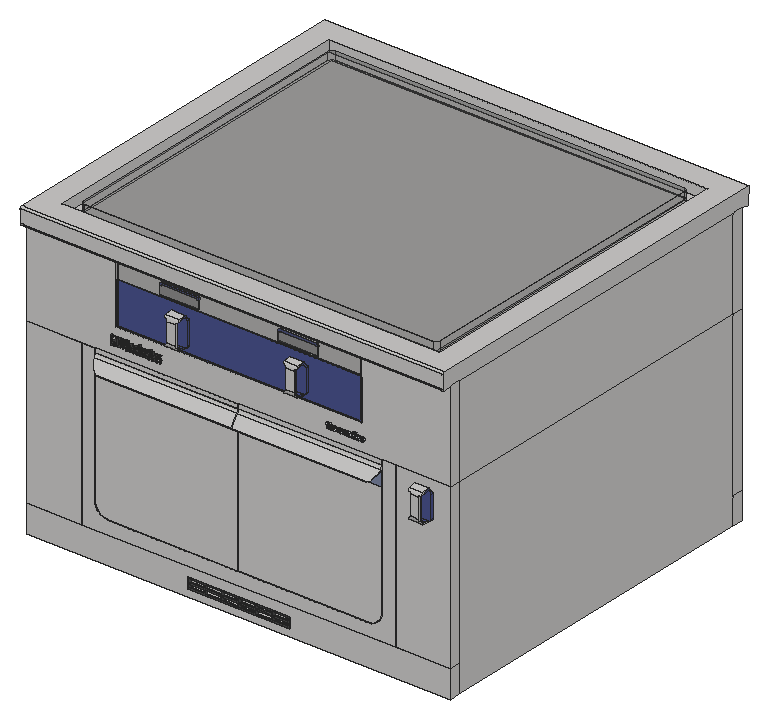
Revit family "QF_ELECTROLUXPROFESSIONAL_589673_MCIRECJ4AO", category Attrezzature speciali, Revit 2020
Family settings
  Quota connettore circolare = Usa diametro
  Tipo di parte = Normale
  Basato su piano di lavoro = No
  Sempre verticale = Sì
  Taglio con vuoti quando caricato = No
  Condiviso = No
  Punto di calcolo locali = No
Parameters (values of type "Standard")
  Weight = 136.00 kg
  Watts = 22000 W
  Volts = 400 V
  URL Manufacturer = "https://www.electroluxprofessional.com/"
  URL = "https://www.electroluxprofessional.com/"
  Steam Supply Size = 0"
  Steam Supply Minimum Pressure = 0.00 psi
  Steam Supply Maximum Pressure = 0.00 psi
  Steam Consumption per Hour = 0
  Refrigeration Suction Line Size = 0 mm
  Refrigeration Liquid Line Size = 0 mm
  Refrigerant Compressor Remote = yes
  Prospetto di default = 0 mm
  Phase = 3
  Modello = "MCIRECJ4AO"
  Produttore = "Electrolux Professional"
  Length Actual = 1000 mm  # constant formula
  Item Number = "589673"
  Hot Water Size = 0"
  Height Actual = 700 mm  # constant formula
  HP = "29.5 HP"
  Gas Size = 0"
  Gas KW = 0
  Gas Input Pressure = 0.0 Btu/h
  Direct Waste Size = 0"
  Descrizione = "INDUCTION,4Z,WARM CAB PASS,2S,1000X900X7"
  Depth Actual = 900 mm  # constant formula
  Cycle = 50 Hz
  Condensate Return Size = 0"
  Compressed Air Volume = 0 GPM
  Compressed Air Size = 0"
  Compressed Air Pressure = 0.00 psi
  Cold Water Size = 0"
  Accessory = yes
Reference planes
  plane 1 "BACK": y = 0
  plane 2: z = 0
  plane 3 "LEFT": x = -100
  plane 4 "RIGHT": x = 900
  plane 5 "FRONT": y = -900
  plane 6 "TOP": z = 900
  plane 7 "Center (Left/Right)": x = 400
  plane 8: y = -450
  plane 9: z = 200
  plane 10: y = -150
  plane 11 "Panel": y = -855
  plane 12: z = 798
  plane 13: z = 1327
  plane 14: x = -22
  plane 15: x = 822
  plane 16: y = -150
  plane 17: y = -650
  plane 18 "EIx": x = 855
  plane 19 "EIy": y = -685
  plane 20: y = -880
  plane 21: z = 938
  plane 22: x = 835
Forms (mm)
  Extrusion 1, solid, material "QF_Finishes_Stainless Steel"
    sketch origin (-178.969, -4572, 200) x (-1, 0, 0) y (0, -1, 0)
      loop
        line (-78.969, -4527) -> (-78.969, -3717) -> (-1078.969, -3717) -> (-1078.969, -4527) -> (-78.969, -4527)
    from 450 to 663
  Extrusion 2, solid, material "QF_Finishes_Stainless Steel"
    sketch origin (-100, 0, 0) x (0, 1, 0) y (0, 0, 1)
      loop
        line (-855, 200) -> (-855, 265) -> (-880, 265) -> (-880, 200) -> (-855, 200)
    from 0 to 1000
  Extrusion 3, solid, material "QF_Finishes_Stainless Steel"
    sketch origin (-488.969, -4662, 200) x (-1, 0, 0) y (0, -1, 0)
      loop
        circle (-1343.969, -3977) r 6.35
    from 0 to -11.851
  Extrusion 4, solid, material "QF_Finishes_Stainless Steel"
    sketch origin (400, 296.4, 1219.2) x (0, 1, 0) y (0, 0, 1)
      loop
        line (-296.4, -319.2) -> (-1191.4, -319.2)
        arc (-1191.4, -319.2) -> (-1194.935, -320.664) -> (-1196.4, -324.2) r 5
        line (-1196.4, -324.2) -> (-1196.4, -355.2)
        arc (-1196.4, -355.2) -> (-1194.971, -358.264) -> (-1191.705, -359.139) r 4
        line (-1191.705, -359.139) -> (-1176.4, -356.231) -> (-316.4, -356.231) -> (-301.094, -359.139)
        arc (-301.094, -359.139) -> (-297.829, -358.264) -> (-296.4, -355.2) r 4
        line (-296.4, -355.2) -> (-296.4, -319.2)
    from -500 to 500
  Extrusion 5, solid, material "QF_Finishes_Electrolux_Black Smoke Iluminated"
    sketch origin (0, 0, 900) x (-1, 0, 0) y (0, -1, 0)
      loop
        arc (12, 79) -> (19.071, 81.929) -> (22, 89) r 10
        line (22, 89) -> (22, 810)
        arc (22, 810) -> (19.071, 817.071) -> (12, 820) r 10
        line (12, 820) -> (-812, 820)
        arc (-812, 820) -> (-819.071, 817.071) -> (-822, 810) r 10
        line (-822, 810) -> (-822, 89)
        arc (-822, 89) -> (-819.071, 81.929) -> (-812, 79) r 10
        line (-812, 79) -> (12, 79)
    from 0 to -20
  Extrusion 6, solid, material "QF_Finishes_Stainless Steel"
    sketch origin (-178.969, -4572, 200) x (-1, 0, 0) y (0, -1, 0)
      loop
        line (-78.969, -4527) -> (-78.969, -3717) -> (-1078.969, -3717) -> (-1078.969, -4527) -> (-78.969, -4527)
    from 450 to 0
  Extrusion 7, void
    sketch origin (0, -855, 0) x (-1, 0, 0) y (0, 0, 1)
      loop
        line (-520, 216.594) -> (-280, 216.594) -> (-280, 241.594) -> (-520, 241.594) -> (-520, 216.594)
    from 0 to -25
  Extrusion 8, solid, material "QF_Finishes_Black"
    sketch origin (0, -855, 0) x (-1, 0, 0) y (0, 0, 1)
      loop
        line (-280, 241.594) -> (-520, 241.594) -> (-520, 216.594) -> (-280, 216.594) -> (-280, 241.594)
      loop
        line (-282, 239.594) -> (-319.131, 239.594) -> (-319.131, 230.094) -> (-282, 230.094) -> (-282, 239.594)
      loop
        line (-282, 218.594) -> (-282, 228.094) -> (-319.131, 228.094) -> (-319.131, 218.594) -> (-282, 218.594)
      loop
        line (-321.131, 239.594) -> (-359.066, 239.594) -> (-359.066, 230.094) -> (-321.131, 230.094) -> (-321.131, 239.594)
      loop
        line (-399, 239.594) -> (-399, 230.094) -> (-361.066, 230.094) -> (-361.066, 239.594) -> (-399, 239.594)
      loop
        line (-401, 239.594) -> (-438.934, 239.594) -> (-438.934, 230.094) -> (-401, 230.094) -> (-401, 239.594)
      loop
        line (-359.066, 218.594) -> (-321.131, 218.594) -> (-321.131, 228.094) -> (-359.066, 228.094) -> (-359.066, 218.594)
      loop
        line (-361.066, 218.594) -> (-361.066, 228.094) -> (-399, 228.094) -> (-399, 218.594) -> (-361.066, 218.594)
      loop
        line (-401, 228.094) -> (-438.934, 228.094) -> (-438.934, 218.594) -> (-401, 218.594) -> (-401, 228.094)
      loop
        line (-518, 239.594) -> (-518, 230.094) -> (-480.869, 230.094) -> (-480.869, 239.594) -> (-518, 239.594)
      loop
        line (-518, 218.594) -> (-480.869, 218.594) -> (-480.869, 228.094) -> (-518, 228.094) -> (-518, 218.594)
      loop
        line (-478.869, 239.594) -> (-478.869, 230.094) -> (-440.934, 230.094) -> (-440.934, 239.594) -> (-478.869, 239.594)
      loop
        line (-440.934, 218.594) -> (-440.934, 228.094) -> (-478.869, 228.094) -> (-478.869, 218.594) -> (-440.934, 218.594)
    from -20 to -25
  Extrusion 9, void
    sketch origin (0, 0, 900) x (-1, 0, 0) y (0, -1, 0)
      loop
        line (47, 845) -> (-847, 845) -> (-847, 54) -> (47, 54) -> (47, 845)
    from 0 to -25
  Extrusion 10, solid, material "QF_Finishes_Stainless Steel"
    sketch origin (0, 0, 900) x (-1, 0, 0) y (0, -1, 0)
      loop
        line (18, 83) -> (18, 816) -> (-818, 816) -> (-818, 83) -> (18, 83)
    from -20 to -25
  Extrusion 11, solid, material "QF_Finishes_Stainless Steel"
    sketch origin (0, -900, 0) x (1, 0, 0) y (0, 0, 1)
      loop
        line (-100, 650) -> (-100, 265) -> (30, 265) -> (30, 650) -> (-100, 650)
      loop
        line (900, 650) -> (770, 650) -> (770, 265) -> (900, 265) -> (900, 650)
    from -45 to -20
  Extrusion 12, solid, material "QF_Finishes_Stainless Steel"
    sketch origin (0, -900, 0) x (1, 0, 0) y (0, 0, 1)
      loop
        line (30, 265) -> (770, 265) -> (770, 650) -> (740, 650) -> (740, 327)
        arc (740, 327) -> (730.627, 304.373) -> (708, 295) r 32
        line (708, 295) -> (92, 295)
        arc (92, 295) -> (69.373, 304.373) -> (60, 327) r 32
        line (60, 327) -> (60, 650) -> (30, 650) -> (30, 265)
    from -45 to -20
  Extrusion 13, solid, material "QF_Finishes_Stainless Steel"
    sketch origin (0, 0, 0) x (1, 0, 0) y (0, 0, -1)
      loop
        line (-100, -650) -> (30, -650) -> (30, -265) -> (-100, -265) -> (-100, -650)
      loop
        line (900, -650) -> (900, -265) -> (770, -265) -> (770, -650) -> (900, -650)
    from -45 to -20
  Extrusion 14, solid, material "QF_Finishes_Stainless Steel"
    sketch origin (-100, -900, 0) x (0, -1, 0) y (0, 0, -1)
      loop
        line (-855, -200) -> (-880, -200) -> (-880, -265) -> (-855, -265) -> (-855, -200)
    from 0 to 1000
  Extrusion 15, void
    sketch origin (0, -45, 0) x (-1, 0, 0) y (0, 0, -1)
      loop
        line (-520, -216.594) -> (-520, -241.594) -> (-280, -241.594) -> (-280, -216.594) -> (-520, -216.594)
    from 0 to -25
  Extrusion 16, solid, material "QF_Finishes_Black"
    sketch origin (0, -45, 0) x (-1, 0, 0) y (0, 0, -1)
      loop
        line (-280, -241.594) -> (-280, -216.594) -> (-520, -216.594) -> (-520, -241.594) -> (-280, -241.594)
      loop
        line (-282, -239.594) -> (-282, -230.094) -> (-319.131, -230.094) -> (-319.131, -239.594) -> (-282, -239.594)
      loop
        line (-282, -218.594) -> (-319.131, -218.594) -> (-319.131, -228.094) -> (-282, -228.094) -> (-282, -218.594)
      loop
        line (-321.131, -239.594) -> (-321.131, -230.094) -> (-359.066, -230.094) -> (-359.066, -239.594) -> (-321.131, -239.594)
      loop
        line (-399, -239.594) -> (-361.066, -239.594) -> (-361.066, -230.094) -> (-399, -230.094) -> (-399, -239.594)
      loop
        line (-401, -239.594) -> (-401, -230.094) -> (-438.934, -230.094) -> (-438.934, -239.594) -> (-401, -239.594)
      loop
        line (-359.066, -218.594) -> (-359.066, -228.094) -> (-321.131, -228.094) -> (-321.131, -218.594) -> (-359.066, -218.594)
      loop
        line (-361.066, -218.594) -> (-399, -218.594) -> (-399, -228.094) -> (-361.066, -228.094) -> (-361.066, -218.594)
      loop
        line (-401, -228.094) -> (-401, -218.594) -> (-438.934, -218.594) -> (-438.934, -228.094) -> (-401, -228.094)
      loop
        line (-518, -239.594) -> (-480.869, -239.594) -> (-480.869, -230.094) -> (-518, -230.094) -> (-518, -239.594)
      loop
        line (-518, -218.594) -> (-518, -228.094) -> (-480.869, -228.094) -> (-480.869, -218.594) -> (-518, -218.594)
      loop
        line (-478.869, -239.594) -> (-440.934, -239.594) -> (-440.934, -230.094) -> (-478.869, -230.094) -> (-478.869, -239.594)
      loop
        line (-440.934, -218.594) -> (-478.869, -218.594) -> (-478.869, -228.094) -> (-440.934, -228.094) -> (-440.934, -218.594)
    from -20 to -25
  Extrusion 17, void
    sketch origin (0, -855, 0) x (-1, 0, 0) y (0, 0, 1)
      loop
        line (-520, 216.594) -> (-280, 216.594) -> (-280, 241.594) -> (-520, 241.594) -> (-520, 216.594)
    from 0 to -25
  Extrusion 18, solid, material "QF_Finishes_Stainless Steel"
    sketch origin (0, 0, 0) x (1, 0, 0) y (0, 0, -1)
      loop
        line (30, -265) -> (30, -650) -> (60, -650) -> (60, -327)
        arc (60, -327) -> (69.373, -304.373) -> (92, -295) r 32
        line (92, -295) -> (708, -295)
        arc (708, -295) -> (730.627, -304.373) -> (740, -327) r 32
        line (740, -327) -> (740, -650) -> (770, -650) -> (770, -265) -> (30, -265)
    from -45 to -20
Cuts and joins
  Extrusion 7, Extrusion 15, Extrusion 17 cuts Extrusion 6
  Extrusion 7, Extrusion 15, Extrusion 17 cuts Extrusion 2
  Extrusion 9 cuts Extrusion 4
  Extrusion 15 cuts Extrusion 8
  Extrusion 15, Extrusion 17 cuts Extrusion 14
Lines and regions (mm)
  symbolic lines
    curve 1: line (-100, 0, 200) -> (900, 0, 200)
    curve 2: line (-100, -900, 200) -> (-100, 0, 200)
    curve 3: line (900, -900, 200) -> (-100, -900, 200)
    curve 4: line (900, 0, 200) -> (900, -900, 200)
    curve 5: line (812, -79, 200) -> (-12, -79, 200)
    curve 6: line (-22, -89, 200) -> (-22, -810, 200)
    curve 7: line (-12, -820, 200) -> (812, -820, 200)
    curve 8: line (822, -810, 200) -> (822, -89, 200)
    curve 9: arc (-12, -79, 200) -> (-19.071, -81.929, 200) -> (-22, -89, 200) r 10
    curve 10: arc (822, -89, 200) -> (819.071, -81.929, 200) -> (812, -79, 200) r 10
    curve 11: arc (812, -820, 200) -> (819.071, -817.071, 200) -> (822, -810, 200) r 10
    curve 12: arc (-22, -810, 200) -> (-19.071, -817.071, 200) -> (-12, -820, 200) r 10
    curve 13: line (847, -54, 900) -> (-47, -54, 900)
    curve 14: line (-47, -54, 900) -> (-47, -845, 900)
    curve 15: line (847, -845, 900) -> (847, -54, 900)
    curve 16: line (-47, -845, 900) -> (847, -845, 900)
  model lines
    curve 17: line (64.474, -422.012, 900) -> (46.796, -404.335, 900)
    curve 18: line (46.796, -404.335, 900) -> (46.796, -169.335, 900)
    curve 19: line (46.796, -169.335, 900) -> (64.474, -151.657, 900)
    curve 20: line (183.85, -245.603, 900) -> (183.85, -325.603, 900)
    curve 21: line (143.85, -285.603, 900) -> (223.85, -285.603, 900)
    curve 22: line (303.226, -422.012, 900) -> (320.903, -404.335, 900)
    curve 23: line (320.903, -404.335, 900) -> (320.903, -169.335, 900)
    curve 24: line (320.903, -169.335, 900) -> (303.226, -151.657, 900)
    curve 25: line (494.474, -422.012, 900) -> (476.796, -404.335, 900)
    curve 26: line (476.796, -404.335, 900) -> (476.796, -169.335, 900)
    curve 27: line (476.796, -169.335, 900) -> (494.474, -151.657, 900)
    curve 28: line (613.85, -245.603, 900) -> (613.85, -325.603, 900)
    curve 29: line (573.85, -285.603, 900) -> (653.85, -285.603, 900)
    curve 30: line (733.226, -422.012, 900) -> (750.903, -404.335, 900)
    curve 31: line (750.903, -404.335, 900) -> (750.903, -169.335, 900)
    curve 32: line (750.903, -169.335, 900) -> (733.226, -151.657, 900)
    curve 33: line (64.474, -477.988, 900) -> (46.796, -495.665, 900)
    curve 34: line (46.796, -495.665, 900) -> (46.796, -730.665, 900)
    curve 35: line (46.796, -730.665, 900) -> (64.474, -748.343, 900)
    curve 36: line (183.85, -654.397, 900) -> (183.85, -574.397, 900)
    curve 37: line (143.85, -614.397, 900) -> (223.85, -614.397, 900)
    curve 38: line (303.226, -477.988, 900) -> (320.903, -495.665, 900)
    curve 39: line (320.903, -495.665, 900) -> (320.903, -730.665, 900)
    curve 40: line (320.903, -730.665, 900) -> (303.226, -748.343, 900)
    curve 41: line (494.474, -477.988, 900) -> (476.796, -495.665, 900)
    curve 42: line (476.796, -495.665, 900) -> (476.796, -730.665, 900)
    curve 43: line (476.796, -730.665, 900) -> (494.474, -748.343, 900)
    curve 44: line (613.85, -654.397, 900) -> (613.85, -574.397, 900)
    curve 45: line (573.85, -614.397, 900) -> (653.85, -614.397, 900)
    curve 46: line (733.226, -477.988, 900) -> (750.903, -495.665, 900)
    curve 47: line (750.903, -495.665, 900) -> (750.903, -730.665, 900)
    curve 48: line (750.903, -730.665, 900) -> (733.226, -748.343, 900)
    curve 49: line (-7.896, -110.891, 900) -> (13.317, -89.677, 900)
    curve 50: line (13.317, -89.677, 900) -> (786.683, -89.677, 900)
    curve 51: line (807.896, -110.891, 900) -> (786.683, -89.677, 900)
    curve 52: line (-7.896, -789.109, 900) -> (13.317, -810.323, 900)
    curve 53: line (13.317, -810.323, 900) -> (786.683, -810.323, 900)
    curve 54: line (807.896, -789.109, 900) -> (786.683, -810.323, 900)
Dimensions and locks
  plane 3 "LEFT" to plane 4 "RIGHT" = 1000 mm
  plane 5 "FRONT" to plane 1 "BACK" = 900 mm
  plane 3 "LEFT" to plane 7 "Center (Left/Right)" to plane 4 "RIGHT" = 500 mm, 500 mm
  equal spacing: plane 5 "FRONT", plane 8, plane 1 "BACK"
  plane 6 "TOP" to level = 900 mm  (x2)
  plane 9 to level = 200 mm
  plane 1 "BACK" to plane 10 to plane 11 "Panel" = 150 mm, 705 mm  (x2)
  plane 6 "TOP" to plane 9 to level = 700 mm, 200 mm
  plane 1 "BACK" to plane 5 "FRONT" = 900 mm
  plane 1 "BACK" to Extrusion 3 = 685 mm
  plane 12 to plane 9 = 598 mm
  plane 13 to plane 6 "TOP" = 427 mm
  plane 6 "TOP" to plane 12 = 102 mm
  plane 14 to plane 3 "LEFT" = 78 mm
  plane 15 to plane 4 "RIGHT" = 78 mm
  locked: plane 1 "BACK" to plane 16 at 150
  locked: plane 16 to plane 17 at 500
  plane 11 "Panel" to plane 5 "FRONT" = 45 mm
  plane 18 "EIx" to plane 4 "RIGHT" = 45 mm
  plane 19 "EIy" to plane 1 "BACK" = 685 mm
  locked: plane 11 "Panel" to plane 20 at 25
  plane 21 to plane 6 "TOP" = 38 mm
  plane 22 to plane 4 "RIGHT" = 65 mm
  aligned and locked: level to plane 2
  aligned and locked: Extrusion 2 to plane 4 "RIGHT"
  aligned and locked: cut or joined group of Extrusion 4, Extrusion 9 to plane 3 "LEFT"
  aligned and locked: cut or joined group of Extrusion 4, Extrusion 9 to plane 4 "RIGHT"
  aligned and locked: cut or joined group of Extrusion 6, Extrusion 7, Extrusion 15, Extrusion 17 to plane 4 "RIGHT"
  aligned and locked: cut or joined group of Extrusion 6, Extrusion 7, Extrusion 15, Extrusion 17 to plane 3 "LEFT"
  aligned and locked: nested 2 to plane 11 "Panel"
  aligned and locked: Extrusion 1 to plane 11 "Panel"
  aligned and locked: plane 11 "Panel" to cut or joined group of Extrusion 2, Extrusion 7, Extrusion 15, Extrusion 17
  aligned and locked: nested 1 to plane 20
  aligned and locked: Extrusion 1 to plane 3 "LEFT"
  aligned and locked: Extrusion 1 to plane 4 "RIGHT"
  aligned and locked: plane 7 "Center (Left/Right)" to nested 3
  aligned and locked: cut or joined group of Extrusion 6, Extrusion 7, Extrusion 15, Extrusion 17 to nested 3
  aligned and locked: plane 11 "Panel" to Extrusion 11
  aligned and locked: plane 20 to Extrusion 11
  aligned and locked: Extrusion 12 to plane 20
  aligned and locked: plane 11 "Panel" to Extrusion 12
  aligned and locked: plane 22 to nested 1
  aligned and locked: nested 5 to plane 7 "Center (Left/Right)"
  aligned and locked: nested 5 to Extrusion 11
Automatic sketch dimensions
  Extrusion 1 sketch curve to plane 4 "RIGHT" = 0 mm
  Extrusion 1 sketch curve to plane 3 "LEFT" = 0 mm
  Extrusion 1 sketch curve to plane 11 "Panel" = 0 mm
  plane 1 "BACK" to Extrusion 1 sketch curve = 45 mm
  Extrusion 2 sketch curve to plane 9 = 0 mm
  Extrusion 2 sketch curve to plane 20 = 0 mm
  Extrusion 2 sketch curve to plane 11 "Panel" = 0 mm
  plane 9 to Extrusion 2 sketch curve = 65 mm
  plane 1 "BACK" to curve 1 = 0 mm
  curve 1 to plane 4 "RIGHT" = 0 mm
  curve 8 to plane 15 = 0 mm
  curve 6 to plane 14 = 0 mm
  curve 2 to plane 3 "LEFT" = 0 mm
  plane 5 "FRONT" to curve 3 = 0 mm
  plane 15 to curve 5 = 10 mm
  plane 15 to curve 11 = 10 mm
  curve 5 to plane 14 = 10 mm
  curve 12 to curve 12 = 10 mm
  plane 10 to curve 5 = 71 mm
  plane 11 "Panel" to curve 11 = 45 mm
  Extrusion 3 sketch curve to plane 18 "EIx" = 0 mm
  Extrusion 3 sketch curve to plane 19 "EIy" = 0 mm
  Extrusion 4 sketch curve to plane 5 "FRONT" = 0 mm
  Extrusion 4 sketch curve to plane 6 "TOP" = 0 mm
  Extrusion 4 sketch curve to plane 20 = 0 mm
  Extrusion 4 sketch curve to plane 1 "BACK" = 0 mm
  Extrusion 4 sketch curve to Extrusion 4 sketch curve = 4 mm
  Extrusion 4 sketch curve to Extrusion 4 sketch curve = 0.695 mm
  Extrusion 4 sketch curve to plane 5 "FRONT" = 5 mm
  plane 1 "BACK" to Extrusion 4 sketch curve = 20 mm
  plane 1 "BACK" to Extrusion 4 sketch curve = 4.695 mm
  plane 1 "BACK" to Extrusion 4 sketch curve = 4 mm
  Extrusion 4 sketch curve to Extrusion 4 sketch curve = 31 mm
  Extrusion 4 sketch curve to Extrusion 4 sketch curve = 36 mm
  Extrusion 4 sketch curve to Extrusion 4 sketch curve = 2.909 mm
  Extrusion 5 sketch curve to plane 15 = 0 mm
  Extrusion 5 sketch curve to plane 14 = 0 mm
  plane 15 to Extrusion 5 sketch curve = 10 mm  (x2)
  Extrusion 5 sketch curve to Extrusion 5 sketch curve = 10 mm  (x2)
  plane 10 to Extrusion 5 sketch curve = 71 mm
  plane 11 "Panel" to Extrusion 5 sketch curve = 45 mm
  Extrusion 6 sketch curve to plane 4 "RIGHT" = 0 mm
  Extrusion 6 sketch curve to plane 3 "LEFT" = 0 mm
  Extrusion 6 sketch curve to plane 11 "Panel" = 0 mm
  plane 1 "BACK" to Extrusion 6 sketch curve = 45 mm
  plane 9 to Extrusion 7 sketch curve = 41.594 mm
  plane 7 "Center (Left/Right)" to Extrusion 7 sketch curve = 120 mm
  Extrusion 7 sketch curve to plane 7 "Center (Left/Right)" = 120 mm
  plane 9 to Extrusion 7 sketch curve = 16.594 mm
  plane 9 to Extrusion 8 sketch curve = 41.594 mm
  plane 7 "Center (Left/Right)" to Extrusion 8 sketch curve = 120 mm
  Extrusion 8 sketch curve to Extrusion 8 sketch curve = 2 mm  (x16)
  Extrusion 8 sketch curve to Extrusion 8 sketch curve = 0 mm  (x15)
  Extrusion 8 sketch curve to Extrusion 8 sketch curve = 37.131 mm  (x2)
  Extrusion 8 sketch curve to Extrusion 8 sketch curve = 37.934 mm  (x3)
  plane 7 "Center (Left/Right)" to Extrusion 8 sketch curve = 1 mm  (x2)
  Extrusion 8 sketch curve to plane 7 "Center (Left/Right)" = 1 mm  (x2)
  plane 9 to Extrusion 8 sketch curve = 18.594 mm  (x4)
  Extrusion 8 sketch curve to Extrusion 8 sketch curve = 9.5 mm  (x6)
  plane 18 "EIx" to Extrusion 9 sketch curve = 8 mm
  plane 14 to Extrusion 9 sketch curve = 25 mm
  plane 1 "BACK" to Extrusion 9 sketch curve = 54 mm
  plane 11 "Panel" to Extrusion 9 sketch curve = 10 mm
  plane 15 to Extrusion 10 sketch curve = 4 mm
  Extrusion 10 sketch curve to plane 14 = 4 mm
  plane 10 to Extrusion 10 sketch curve = 67 mm
  plane 11 "Panel" to Extrusion 10 sketch curve = 39 mm
  plane 18 "EIx" to curve 13 = 8 mm
  plane 15 to curve 53 = 35.317 mm
  plane 15 to curve 51 = 35.317 mm
  plane 15 to curve 46 = 71.097 mm
  curve 32 to plane 10 = 19.335 mm
  plane 15 to curve 32 = 71.097 mm
  curve 27 to plane 10 = 19.335 mm
  plane 7 "Center (Left/Right)" to curve 27 = 76.796 mm
  plane 7 "Center (Left/Right)" to curve 43 = 76.796 mm
  curve 24 to plane 10 = 19.335 mm
  curve 24 to plane 7 "Center (Left/Right)" = 79.097 mm
  curve 40 to plane 7 "Center (Left/Right)" = 79.097 mm
  curve 35 to plane 14 = 68.796 mm
  curve 19 to plane 10 = 19.335 mm
  curve 19 to plane 14 = 68.796 mm
  curve 50 to plane 14 = 35.317 mm
  curve 53 to plane 14 = 35.317 mm
  plane 14 to curve 14 = 25 mm
  plane 10 to curve 50 = 60.323 mm
  plane 1 "BACK" to curve 15 = 54 mm
  plane 8 to curve 26 = 45.665 mm
  plane 8 to curve 17 = 45.665 mm
  plane 8 to curve 30 = 45.665 mm
  plane 8 to curve 22 = 45.665 mm
  curve 34 to plane 8 = 45.665 mm
  curve 42 to plane 8 = 45.665 mm
  curve 38 to plane 8 = 45.665 mm
  curve 46 to plane 8 = 45.665 mm
  curve 42 to plane 19 "EIy" = 45.665 mm
  curve 40 to plane 19 "EIy" = 45.665 mm
  curve 34 to plane 19 "EIy" = 45.665 mm
  curve 47 to plane 19 "EIy" = 45.665 mm
  plane 11 "Panel" to curve 54 = 44.677 mm
  plane 11 "Panel" to curve 15 = 10 mm
  plane 15 to curve 54 = 14.104 mm
  plane 15 to curve 51 = 14.104 mm
  curve 46 to plane 8 = 27.988 mm
  curve 46 to curve 46 = 17.678 mm
  curve 47 to curve 48 = 17.678 mm  (x2)
  curve 32 to plane 10 = 1.657 mm
  curve 31 to curve 32 = 17.678 mm
  plane 8 to curve 30 = 27.988 mm
  curve 30 to curve 30 = 17.678 mm
  curve 45 to plane 17 = 35.603 mm
  curve 47 to curve 45 = 97.053 mm
  curve 31 to curve 29 = 97.053 mm
  plane 17 to curve 44 = 4.397 mm
  curve 45 to curve 44 = 40 mm
  curve 29 to curve 28 = 40 mm  (x2)
  curve 28 to curve 29 = 40 mm  (x2)
  curve 44 to curve 45 = 40 mm  (x2)
  curve 43 to curve 42 = 17.678 mm
  plane 8 to curve 25 = 27.988 mm
  curve 25 to curve 25 = 17.678 mm
  curve 41 to plane 8 = 27.988 mm
  curve 41 to curve 41 = 17.678 mm
  curve 27 to plane 10 = 1.657 mm
  curve 27 to curve 26 = 17.678 mm
  curve 38 to plane 8 = 27.988 mm
  curve 38 to curve 38 = 17.678 mm
  plane 8 to curve 22 = 27.988 mm
  curve 22 to curve 22 = 17.678 mm
  curve 24 to plane 10 = 1.657 mm
  curve 23 to curve 24 = 17.678 mm
  curve 39 to curve 40 = 17.678 mm  (x2)
  curve 37 to plane 17 = 35.603 mm
  curve 39 to curve 37 = 97.053 mm
  curve 23 to curve 21 = 97.053 mm
  curve 21 to curve 20 = 40 mm  (x2)
  plane 17 to curve 36 = 4.397 mm
  curve 37 to curve 36 = 40 mm
  curve 36 to curve 37 = 40 mm  (x2)
  curve 20 to curve 21 = 40 mm  (x2)
  plane 8 to curve 17 = 27.988 mm
  curve 17 to curve 17 = 17.678 mm
  curve 19 to plane 10 = 1.657 mm
  curve 19 to curve 18 = 17.678 mm
  curve 33 to plane 8 = 27.988 mm
  curve 33 to curve 33 = 17.678 mm
  curve 35 to curve 34 = 17.678 mm
  curve 49 to plane 14 = 14.104 mm
  curve 52 to plane 14 = 14.104 mm
  curve 49 to curve 49 = 21.213 mm
  curve 50 to curve 51 = 21.213 mm
  curve 28 to plane 10 = 95.603 mm
  curve 20 to plane 10 = 95.603 mm
  curve 42 to curve 43 = 17.678 mm
  curve 34 to curve 35 = 17.678 mm
  curve 54 to curve 53 = 21.213 mm
  curve 52 to curve 52 = 21.213 mm
  Extrusion 11 sketch curve to plane 3 "LEFT" = 0 mm
  plane 4 "RIGHT" to Extrusion 11 sketch curve = 0 mm
  Extrusion 11 sketch curve to plane 14 = 52 mm
  plane 15 to Extrusion 11 sketch curve = 52 mm
  plane 9 to Extrusion 11 sketch curve = 65 mm  (x2)
  Extrusion 11 sketch curve to plane 12 = 148 mm  (x2)
  Extrusion 12 sketch curve to plane 14 = 52 mm
  Extrusion 12 sketch curve to Extrusion 12 sketch curve = 30 mm  (x2)
  Extrusion 12 sketch curve to Extrusion 12 sketch curve = 32 mm  (x2)
  plane 15 to Extrusion 12 sketch curve = 114 mm
  plane 15 to Extrusion 12 sketch curve = 52 mm
  plane 9 to Extrusion 12 sketch curve = 65 mm
  Extrusion 12 sketch curve to plane 12 = 148 mm  (x2)
  Extrusion 13 sketch curve to plane 3 "LEFT" = 0 mm
  plane 4 "RIGHT" to Extrusion 13 sketch curve = 0 mm
  Extrusion 13 sketch curve to plane 14 = 52 mm
  plane 15 to Extrusion 13 sketch curve = 52 mm
  Extrusion 13 sketch curve to plane 12 = 148 mm  (x2)
  plane 9 to Extrusion 13 sketch curve = 65 mm  (x2)
  Extrusion 14 sketch curve to plane 9 = 0 mm
  plane 1 "BACK" to Extrusion 14 sketch curve = 20 mm
  Extrusion 14 sketch curve to Extrusion 14 sketch curve = 25 mm
  plane 9 to Extrusion 14 sketch curve = 65 mm
  plane 9 to Extrusion 15 sketch curve = 41.594 mm
  plane 7 "Center (Left/Right)" to Extrusion 15 sketch curve = 120 mm
  Extrusion 15 sketch curve to plane 7 "Center (Left/Right)" = 120 mm
  plane 9 to Extrusion 15 sketch curve = 16.594 mm
  plane 9 to Extrusion 16 sketch curve = 41.594 mm
  plane 7 "Center (Left/Right)" to Extrusion 16 sketch curve = 120 mm
  Extrusion 16 sketch curve to Extrusion 16 sketch curve = 2 mm  (x19)
  Extrusion 16 sketch curve to Extrusion 16 sketch curve = 0 mm  (x15)
  Extrusion 16 sketch curve to Extrusion 16 sketch curve = 37.131 mm  (x2)
  Extrusion 16 sketch curve to Extrusion 16 sketch curve = 37.934 mm  (x3)
  plane 7 "Center (Left/Right)" to Extrusion 16 sketch curve = 1 mm  (x2)
  Extrusion 16 sketch curve to plane 7 "Center (Left/Right)" = 1 mm  (x2)
  plane 9 to Extrusion 16 sketch curve = 18.594 mm
  plane 9 to Extrusion 16 sketch curve = 39.594 mm
  Extrusion 16 sketch curve to Extrusion 16 sketch curve = 9.5 mm  (x5)
  plane 9 to Extrusion 17 sketch curve = 41.594 mm
  plane 7 "Center (Left/Right)" to Extrusion 17 sketch curve = 120 mm
  Extrusion 17 sketch curve to plane 7 "Center (Left/Right)" = 120 mm
  plane 9 to Extrusion 17 sketch curve = 16.594 mm
  Extrusion 18 sketch curve to plane 14 = 52 mm
  Extrusion 18 sketch curve to Extrusion 18 sketch curve = 30 mm
  Extrusion 18 sketch curve to Extrusion 18 sketch curve = 32 mm  (x2)
  plane 15 to Extrusion 18 sketch curve = 114 mm
  plane 15 to Extrusion 18 sketch curve = 52 mm
  Extrusion 18 sketch curve to plane 12 = 148 mm  (x2)
  plane 9 to Extrusion 18 sketch curve = 127 mm
  plane 9 to Extrusion 18 sketch curve = 65 mm
  radius of Extrusion 3 sketch curve = 6.35 mm
Nested families
  nested 1: "FIT Range Control Handle" at (835, -883.137, -372.751), type "FIT Range Control Handle"
  nested 2: "Front_Panel_W1000_2 Knobs" at (102.376, -855, 0), type "Front_Panel_W1000_2 Knobs"
  nested 3: "H450H2W1000_2DOOR" at (363.958, -855, 200) x (1, 0, 0) z (0, -1, 0), type "H450H2W1000_2DOOR"
    with Width 680 mm, Wdoor 340 mm, Show Clearance yes
  nested 4: "Front_Panel_W1000_2 Knobs" at (102.376, -45, 0), type "Front_Panel_W1000_2 Knobs"
  nested 5: "H450H2W1000_2DOOR" at (436.042, -45, 200) x (-1, 0, 0) z (0, 1, 0), type "H450H2W1000_2DOOR"
    with Width 680 mm, Wdoor 340 mm, Show Clearance yes
  nested 6: "Warm" at (900, -900, 900), type "Warm"
Connectors
  electrical at (855, -685, 188.149)
    settings: on Extrusion 3, index 1, voltage 400 V, apparent load 33000 VA, apparent load phase1 0 VA, apparent load phase2 0 VA, apparent load phase3 0 VA, power factor 1, load classification "Other", number of poles 1, system type 30, power factor state 1, is connector primary yes, connector utility no, sub classification motor no, connector description "ELECTRICAL CONNECTION"
Definition of nested family "FIT Range Control Handle"
  Parameters
    Default Elevation = 0 mm
  Reference planes
    plane 1 "Center (Front/Back)": y = 0
    plane 2: z = 0
    plane 3 "Center (Left/Right)": x = 0
    plane 4: z = 971.092
    plane 5: y = -16.8
  Forms (mm)
    Extrusion 1, solid
      sketch origin (-746.28, 380.497, 208.931) x (-1, 0, 0) y (0, 0, 1)
        loop
          line (-770.101, 786.798) -> (-770.101, 731.649)
          arc (-770.101, 731.649) -> (-769.759, 730.563) -> (-768.855, 729.87) r 1.893
          line (-768.855, 729.87) -> (-763.474, 727.911) -> (-729.81, 727.911) -> (-724.428, 729.87)
          arc (-724.428, 729.87) -> (-723.525, 730.563) -> (-723.183, 731.649) r 1.893
          line (-723.183, 731.649) -> (-723.183, 786.798)
          arc (-723.183, 786.798) -> (-723.529, 787.894) -> (-724.44, 788.593) r 1.91
          line (-724.44, 788.593) -> (-729.683, 790.819) -> (-763.601, 790.819) -> (-768.844, 788.593)
          arc (-768.844, 788.593) -> (-769.755, 787.894) -> (-770.101, 786.798) r 1.91
      from -382.35 to -378.852
    Sweep 2, solid
      path origin (-746.788, 380.496, 208.091) x (0, -1, 0) y (0, 0, 1)
        loop
          line (379.775, 793.281) -> (395.661, 791.048)
          arc (395.661, 791.048) -> (397.781, 787.377) -> (398.517, 783.202) r 12.207
          line (398.517, 783.202) -> (398.517, 737.368)
          arc (398.517, 737.368) -> (397.781, 733.193) -> (395.661, 729.522) r 12.207
          line (395.661, 729.522) -> (379.775, 727.289)
      profile origin (-746.788, -7.222, 1000.256) x (0, -0.139173, 0.990268) y (-1, 0, 0)
        loop
          line (0.782, -763.123) -> (0.782, -730.907) -> (-1.322, -730.907) -> (-1.322, -763.123) -> (0.782, -763.123)
    Sweep 3, solid
      path origin (-746.788, 380.715, 207.832) x (0, -1, 0) y (0, 0, 1)
        loop
          line (380.478, 795.442) -> (397.218, 793.09)
          arc (397.218, 793.09) -> (399.929, 788.473) -> (400.871, 783.202) r 15.207
          line (400.871, 783.202) -> (400.871, 737.584)
          arc (400.871, 737.584) -> (399.914, 732.274) -> (397.164, 727.633) r 15.207
          line (397.164, 727.633) -> (380.601, 725.305)
      profile origin (-746.788, -8.132, 1002.099) x (0, -0.139173, 0.990268) y (-1, 0, 0)
        loop
          line (0.782, -763.123) -> (0.782, -730.907) -> (-1.322, -730.907) -> (-1.322, -763.123) -> (0.782, -763.123)
    Extrusion 4, void
      sketch origin (889.253, 220.666, 207.993) x (1, 0, 0) y (0, 0, 1)
        loop
          line (-943.038, 816.854) -> (-943.038, 703.686) -> (-899.466, 734.196) -> (-899.466, 786.344) -> (-943.038, 816.854)
      from 230.636 to 242.25
    Extrusion 5, void
      sketch origin (-888.8, 220.666, 207.993) x (-1, 0, 0) y (0, 0, -1)
        loop
          line (-943.038, -816.854) -> (-899.466, -786.344) -> (-899.466, -734.196) -> (-943.038, -703.686) -> (-943.038, -816.854)
      from 230.636 to 242.25
    Extrusion 6, solid
      sketch origin (0, 0, 0) x (1, 0, 0) y (0, 0, 1)
        loop
          circle (0, 971.092) r 7.736
      from -3.137 to -1.645
  Cuts and joins
    Extrusion 4, Extrusion 5 cuts Sweep 3
    Extrusion 4, Extrusion 5 cuts Sweep 2
    joined: Extrusion 1, Extrusion 6
  Lines and regions (mm)
    symbolic lines
      curve 1: line (-15.881, -19.189, 0) -> (-15.881, -16.8, 0)
      curve 2: line (16.334, -19.189, 0) -> (16.334, -16.8, 0)
      curve 3: spline (-15.881, -19.189, 0) -> (-15.417, -19.349, 0) -> (-14.951, -19.501, 0) -> (-14.483, -19.646, 0) -> (-14.014, -19.783, 0) -> (-13.543, -19.912, 0) -> (-13.071, -20.033, 0) -> (-12.597, -20.146, 0) -> (-12.122, -20.251, 0) -> (-11.646, -20.349, 0) -> (-11.169, -20.438, 0) -> (-10.691, -20.52, 0) -> (-10.213, -20.593, 0)
      curve 4: spline (10.666, -20.593, 0) -> (11.144, -20.52, 0) -> (11.622, -20.438, 0) -> (12.099, -20.349, 0) -> (12.575, -20.251, 0) -> (13.05, -20.146, 0) -> (13.524, -20.033, 0) -> (13.996, -19.912, 0) -> (14.467, -19.783, 0) -> (14.936, -19.646, 0) -> (15.404, -19.501, 0) -> (15.87, -19.349, 0) -> (16.334, -19.189, 0)
      curve 5: line (-10.213, -20.938, 0) -> (10.716, -20.938, 0)
  Dimensions and locks
    cut or joined group of Sweep 3, Extrusion 4, Extrusion 5 to cut or joined group of Sweep 3, Extrusion 4, Extrusion 5 = 71.686 mm
Definition of nested family "Front_Panel_W1000_2 Knobs"
  Parameters
    Default Elevation = 0 mm
  Reference planes
    plane 1 "Center (Front/Back)": y = 0
    plane 2: z = 0
    plane 3 "Center (Left/Right)": x = 297.624
    plane 4 "Left": x = -202.376
    plane 5 "Right": x = 797.624
    plane 6: y = -45
    plane 7: x = 157.624
    plane 8: y = -25
    plane 9: x = -2.376
    plane 10: x = 437.624
    plane 11: x = 594.715
  Forms (mm)
    Extrusion 1, solid
      sketch origin (833.217, 829.203, -1.25) x (0, 1, 0) y (0, 0, 1)
        loop
          line (-854.203, 651.25) -> (-829.203, 651.25) -> (-829.203, 864.25) -> (-854.203, 864.25) -> (-854.203, 651.25)
      from -1035.593 to -35.593
    Extrusion 2, void
      sketch origin (0, 0, 0) x (1, 0, 0) y (0, 0, 1)
        loop
          line (7.624, 853.866) -> (7.624, 711.866) -> (587.624, 711.866) -> (587.624, 853.866) -> (7.624, 853.866)
      from 19.387 to 33.951
  Cuts and joins
    Extrusion 2 cuts Extrusion 1
  Dimensions and locks
    equal spacing: plane 5 "Right", plane 3 "Center (Left/Right)", plane 4 "Left"
    plane 5 "Right" to plane 4 "Left" = 1000 mm
    plane 3 "Center (Left/Right)" to plane 7 = 140 mm
    plane 10 to plane 3 "Center (Left/Right)" = 140 mm
    aligned and locked: cut or joined group of Extrusion 1, Extrusion 2 to plane 4 "Left"
    aligned and locked: plane 5 "Right" to cut or joined group of Extrusion 1, Extrusion 2
    aligned and locked: plane 3 "Center (Left/Right)" to nested 2
    aligned and locked: cut or joined group of Extrusion 1, Extrusion 2 to nested 2
  Automatic sketch dimensions
    Extrusion 1 sketch curve to plane 1 "Center (Front/Back)" = 0 mm
    level to Extrusion 1 sketch curve = 650 mm
    plane 4 "Left" to Extrusion 2 sketch curve = 210 mm
    Extrusion 2 sketch curve to plane 5 "Right" = 210 mm
    level to Extrusion 2 sketch curve = 711.866 mm
    Extrusion 2 sketch curve to Extrusion 2 sketch curve = 142 mm
    Extrusion 1 sketch curve to plane 6 = 20 mm
    Extrusion 1 sketch curve to Extrusion 1 sketch curve = 213 mm
  Nested families
    nested 1: "Range Control Handle" at (157.624, -28.137, -209.113) x (-1, 0, 0) z (0, 0, 1), type "Range Control Handle"
    nested 2: "Front glass control panel W1000_2 Knobs" at (297.624, 280.644, 2.752), type "Front glass control panel W1000_2 Knobs"
    nested 3: "Range Control Handle" at (437.624, -28.137, -209.113), type "Range Control Handle"
    nested 4: "ELX_ThermaLine_Small" at (546.122, -25, 679.426) x (1, 0, 0) z (0, -1, 0), type "ELX_ThermaLine_Small"
      with Show Logo yes, Material_Logo none
    nested 5: "ELX_Professional_Logo_Small" at (57.11, -25, 681.659) x (1, 0, 0) z (0, -1, 0), type "ELX_Professional_Logo_Small"
      with Show Logo yes, Material_Logo none
  Definition of nested family "Range Control Handle"
    Parameters
      Default Elevation = 0 mm
    Reference planes
      plane 1 "Center (Front/Back)": y = 0
      plane 2: z = 0
      plane 3 "Center (Left/Right)": x = 0
      plane 4: z = 971.092
      plane 5: y = -16.9
    Forms (mm)
      Extrusion 1, solid
        sketch origin (-746.28, 380.497, 208.931) x (-1, 0, 0) y (0, 0, 1)
          loop
            line (-770.101, 786.798) -> (-770.101, 731.649)
            arc (-770.101, 731.649) -> (-769.759, 730.563) -> (-768.855, 729.87) r 1.893
            line (-768.855, 729.87) -> (-763.474, 727.911) -> (-729.81, 727.911) -> (-724.428, 729.87)
            arc (-724.428, 729.87) -> (-723.525, 730.563) -> (-723.183, 731.649) r 1.893
            line (-723.183, 731.649) -> (-723.183, 786.798)
            arc (-723.183, 786.798) -> (-723.529, 787.894) -> (-724.44, 788.593) r 1.91
            line (-724.44, 788.593) -> (-729.683, 790.819) -> (-763.601, 790.819) -> (-768.844, 788.593)
            arc (-768.844, 788.593) -> (-769.755, 787.894) -> (-770.101, 786.798) r 1.91
        from -382.35 to -378.852
      Sweep 2, solid
        path origin (-746.788, 380.496, 208.091) x (0, -1, 0) y (0, 0, 1)
          loop
            line (379.775, 793.281) -> (395.661, 791.048)
            arc (395.661, 791.048) -> (397.781, 787.377) -> (398.517, 783.202) r 12.207
            line (398.517, 783.202) -> (398.517, 737.368)
            arc (398.517, 737.368) -> (397.781, 733.193) -> (395.661, 729.522) r 12.207
            line (395.661, 729.522) -> (379.775, 727.289)
        profile origin (-746.788, -7.222, 1000.256) x (0, -0.139173, 0.990268) y (-1, 0, 0)
          loop
            line (0.782, -763.123) -> (0.782, -730.907) -> (-1.322, -730.907) -> (-1.322, -763.123) -> (0.782, -763.123)
      Sweep 3, solid
        path origin (-746.788, 380.715, 207.832) x (0, -1, 0) y (0, 0, 1)
          loop
            line (380.478, 795.442) -> (397.218, 793.09)
            arc (397.218, 793.09) -> (399.929, 788.473) -> (400.871, 783.202) r 15.207
            line (400.871, 783.202) -> (400.871, 737.584)
            arc (400.871, 737.584) -> (399.914, 732.274) -> (397.164, 727.633) r 15.207
            line (397.164, 727.633) -> (380.601, 725.305)
        profile origin (-746.788, -8.132, 1002.099) x (0, -0.139173, 0.990268) y (-1, 0, 0)
          loop
            line (0.782, -763.123) -> (0.782, -730.907) -> (-1.322, -730.907) -> (-1.322, -763.123) -> (0.782, -763.123)
      Extrusion 4, void
        sketch origin (889.253, 220.666, 207.993) x (1, 0, 0) y (0, 0, 1)
          loop
            line (-943.038, 816.854) -> (-943.038, 703.686) -> (-899.466, 734.196) -> (-899.466, 786.344) -> (-943.038, 816.854)
        from 230.636 to 242.25
      Extrusion 5, void
        sketch origin (-888.8, 220.666, 207.993) x (-1, 0, 0) y (0, 0, -1)
          loop
            line (-943.038, -816.854) -> (-899.466, -786.344) -> (-899.466, -734.196) -> (-943.038, -703.686) -> (-943.038, -816.854)
        from 230.636 to 242.25
      Extrusion 6, solid
        sketch origin (0, 0, 0) x (1, 0, 0) y (0, 0, 1)
          loop
            circle (0, 971.092) r 7.736
        from -3.137 to -1.645
    Cuts and joins
      Extrusion 4, Extrusion 5 cuts Sweep 3
      Extrusion 4, Extrusion 5 cuts Sweep 2
      joined: Extrusion 1, Extrusion 6
    Lines and regions (mm)
      symbolic lines
        curve 1: line (16.334, -16.9, 0) -> (16.334, -19.227, 0)
        curve 2: spline (16.334, -19.227, 0) -> (15.87, -19.385, 0) -> (15.404, -19.536, 0) -> (14.936, -19.678, 0) -> (14.466, -19.813, 0) -> (13.995, -19.94, 0) -> (13.523, -20.059, 0) -> (13.049, -20.171, 0) -> (12.575, -20.274, 0) -> (12.099, -20.37, 0) -> (11.622, -20.458, 0) -> (11.144, -20.537, 0) -> (10.666, -20.609, 0)
        curve 3: line (10.666, -16.9, 0) -> (10.666, -20.938, 0)
        curve 4: line (-10.213, -20.938, 0) -> (10.666, -20.938, 0)
        curve 5: line (-10.213, -20.938, 0) -> (-10.213, -16.9, 0)
        curve 6: spline (-10.213, -20.609, 0) -> (-10.691, -20.537, 0) -> (-11.169, -20.458, 0) -> (-11.646, -20.37, 0) -> (-12.122, -20.274, 0) -> (-12.597, -20.171, 0) -> (-13.07, -20.059, 0) -> (-13.542, -19.94, 0) -> (-14.013, -19.813, 0) -> (-14.483, -19.678, 0) -> (-14.951, -19.536, 0) -> (-15.417, -19.385, 0) -> (-15.881, -19.227, 0)
        curve 7: line (-15.881, -19.227, 0) -> (-15.881, -16.9, 0)
  Definition of nested family "Front glass control panel W1000_2 Knobs"
    Parameters
      Default Elevation = 0 mm
    Reference planes
      plane 1 "Center (Front/Back)": y = 0
      plane 2: z = 0
      plane 3 "Center (Left/Right)": x = 0
      plane 4: x = -140
      plane 5: x = 140
    Forms (mm)
      Extrusion 1, solid
        sketch origin (378.286, 0, 0.617) x (1, 0, 0) y (0, 0, 1)
          loop
            line (-668.286, 806.791) -> (-668.286, 708.497) -> (-88.286, 708.497) -> (-88.286, 806.791) -> (-668.286, 806.791)
        from 300.031 to 304.8
      Extrusion 2, solid
        sketch origin (378.286, 0, 0.617) x (1, 0, 0) y (0, 0, 1)
          loop
            line (-668.286, 850.497) -> (-668.286, 806.791) -> (-88.286, 806.791) -> (-88.286, 850.497) -> (-668.286, 850.497)
        from 300.031 to 304.8
      Extrusion 3, void
        sketch origin (378.286, 0, 0.617) x (1, 0, 0) y (0, 0, 1)
          loop
            line (-665.628, 847.565) -> (-665.628, 710.699) -> (-91.196, 710.699) -> (-91.196, 847.565) -> (-665.628, 847.565)
        from 303.697 to 304.8
      Extrusion 4, solid
        sketch origin (-448.309, 1.101, -0.633) x (-1, 0, 0) y (0, 0, -1)
          loop
            line (-261.431, -812.62) -> (-355.186, -812.62) -> (-355.186, -834.177) -> (-350.269, -834.177) -> (-348.469, -835.977) -> (-268.039, -835.977) -> (-266.24, -834.177) -> (-261.431, -834.177) -> (-261.431, -812.62)
        from 304.798 to 306.745
      Extrusion 5, solid
        sketch origin (-448.309, 1.101, -0.633) x (-1, 0, 0) y (0, 0, -1)
          loop
            line (-350.269, -834.177) -> (-355.078, -834.177)
            arc (-355.078, -834.177) -> (-353.942, -838.747) -> (-349.686, -840.763) r 5.5
            line (-349.686, -840.763) -> (-266.98, -840.763)
            arc (-266.98, -840.763) -> (-262.706, -838.752) -> (-261.529, -834.177) r 5.549
            line (-261.529, -834.177) -> (-266.24, -834.177) -> (-268.039, -835.977) -> (-348.469, -835.977) -> (-350.269, -834.177)
        from 304.798 to 306.745
      Extrusion 6, solid
        sketch origin (448.333, 1.101, -0.633) x (1, 0, 0) y (0, 0, 1)
          loop
            line (-261.431, 812.62) -> (-261.431, 834.177) -> (-266.24, 834.177) -> (-268.039, 835.977) -> (-348.469, 835.977) -> (-350.269, 834.177) -> (-355.186, 834.177) -> (-355.186, 812.62) -> (-261.431, 812.62)
        from 304.798 to 306.745
      Extrusion 7, solid
        sketch origin (448.333, 1.101, -0.633) x (1, 0, 0) y (0, 0, 1)
          loop
            line (-350.269, 834.177) -> (-348.469, 835.977) -> (-268.039, 835.977) -> (-266.24, 834.177) -> (-261.529, 834.177)
            arc (-261.529, 834.177) -> (-262.706, 838.752) -> (-266.98, 840.763) r 5.549
            line (-266.98, 840.763) -> (-349.686, 840.763)
            arc (-349.686, 840.763) -> (-353.942, 838.747) -> (-355.078, 834.177) r 5.5
            line (-355.078, 834.177) -> (-350.269, 834.177)
        from 304.798 to 306.745
    Cuts and joins
      Extrusion 3 cuts Extrusion 1
      Extrusion 3 cuts Extrusion 2
    Dimensions and locks
      plane 3 "Center (Left/Right)" to plane 4 = 140 mm
      plane 5 to plane 3 "Center (Left/Right)" = 140 mm
      aligned and locked: Extrusion 1 to Extrusion 2
      aligned and locked: Extrusion 5 sketch curve to Extrusion 4  (x5)
      aligned and locked: Extrusion 5 to Extrusion 4
      aligned and locked: Extrusion 7 sketch curve to Extrusion 6  (x4)
      aligned and locked: Extrusion 6 to Extrusion 7 sketch curve
      aligned and locked: Extrusion 7 to Extrusion 6
  Definition of nested family "ELX_ThermaLine_Small"
    Parameters
      Show Logo [instance] = yes
      Material_Logo [instance] = none
      Default Elevation = 0 mm
    Reference planes
      plane 1 "Centro (Fronte/Retro)": y = 0
      plane 2: z = 0
      plane 3 "Centro (Sinistra/Destra)": x = 0
    Forms (mm)
      Extrusion 1, solid
        sketch origin (0, 0, 0) x (1, 0, 0) y (0, 1, 0)
          loop
            line (-1219.2, 1219.2) -> (-1219.2, -1219.2) -> (1219.2, -1219.2) -> (1219.2, 1219.2) -> (-1219.2, 1219.2)
        from 0 to -304.8
      Extrusion 2, solid
        sketch origin (0, 0, 0) x (1, 0, 0) y (0, 1, 0)
          loop
            line (-37.494, 1.229) -> (-35.908, 1.229) -> (-35.908, 3.066) -> (-37.494, 3.066) -> (-37.494, 6.221) -> (-39.867, 4.881) -> (-39.867, 3.066) -> (-40.969, 3.066) -> (-40.969, 1.229) -> (-39.867, 1.229) -> (-39.867, -3.407)
            arc (-39.867, -3.407) -> (-38.982, -5.513) -> (-36.751, -6.001) r 2.478
            line (-36.751, -6.001) -> (-35.638, -5.7) -> (-35.9, -3.835) -> (-36.661, -4.039)
            arc (-36.661, -4.039) -> (-37.236, -3.924) -> (-37.494, -3.399) r 0.662
            line (-37.494, -3.399) -> (-37.494, 1.229)
          loop
            line (-34.242, 6.539) -> (-34.242, -5.848) -> (-31.854, -5.848) -> (-31.854, -0.078)
            arc (-31.854, -0.078) -> (-30.939, 1.249) -> (-29.33, 1.367) r 1.866
            arc (-29.33, 1.367) -> (-28.695, 0.768) -> (-28.461, -0.073) r 1.627
            line (-28.461, -0.073) -> (-28.461, -5.848) -> (-26.086, -5.848) -> (-26.064, -0.46)
            arc (-26.064, -0.46) -> (-26.261, 0.932) -> (-26.786, 2.237) r 5.825
            arc (-26.786, 2.237) -> (-29.381, 3.264) -> (-31.854, 1.971) r 3.353
            line (-31.854, 1.971) -> (-31.854, 6.539) -> (-34.242, 6.539)
          loop
            arc (-18.398, -0.598) -> (-18.893, 0.879) -> (-20.326, 1.487) r 1.897
            arc (-20.326, 1.487) -> (-21.461, 0.708) -> (-21.897, -0.598) r 2.164
            line (-21.897, -0.598) -> (-18.398, -0.598)
          loop
            arc (-16.021, -2.044) -> (-16.754, 1.227) -> (-19.444, 3.226) r 4.814
            arc (-19.444, 3.226) -> (-22.137, 2.788) -> (-23.943, 0.743) r 4.054
            arc (-23.943, 0.743) -> (-24.382, -1.249) -> (-24.162, -3.276) r 6.289
            arc (-24.162, -3.276) -> (-23.302, -4.71) -> (-21.958, -5.705) r 4.28
            arc (-21.958, -5.705) -> (-18.558, -5.814) -> (-16.152, -3.409) r 4.28
            line (-16.152, -3.409) -> (-18.5, -2.995)
            arc (-18.5, -2.995) -> (-19.273, -3.994) -> (-20.533, -4.076) r 1.536
            arc (-20.533, -4.076) -> (-21.56, -3.281) -> (-21.958, -2.044) r 2.197
            line (-21.958, -2.044) -> (-16.021, -2.044)
          loop
            line (-14.165, -5.848) -> (-11.819, -5.848) -> (-11.819, -2.138)
            arc (-11.819, -2.138) -> (-11.787, -1.156) -> (-11.637, -0.185) r 8.18
            arc (-11.637, -0.185) -> (-10.644, 0.972) -> (-9.132, 0.776) r 1.603
            line (-9.132, 0.776) -> (-8.419, 2.846)
            arc (-8.419, 2.846) -> (-10.432, 3.118) -> (-11.994, 1.821) r 2.527
            line (-11.994, 1.821) -> (-11.994, 3.094) -> (-14.165, 3.094) -> (-14.165, -5.848)
          loop
            line (-7.579, 3.094) -> (-7.579, -5.848) -> (-5.178, -5.848) -> (-5.178, -0.756)
            arc (-5.178, -0.756) -> (-4.727, 0.679) -> (-3.417, 1.419) r 2.05
            arc (-3.417, 1.419) -> (-2.499, 0.908) -> (-2.155, -0.085) r 1.471
            line (-2.155, -0.085) -> (-2.155, -5.848) -> (0.23, -5.848) -> (0.23, -1.001)
            arc (0.23, -1.001) -> (0.47, 0.127) -> (1.148, 1.061) r 2.775
            arc (1.148, 1.061) -> (2.225, 1.329) -> (3.05, 0.587) r 1.182
            arc (3.05, 0.587) -> (3.199, -0.019) -> (3.214, -0.642) r 2.894
            line (3.214, -0.642) -> (3.214, -5.848) -> (5.601, -5.848) -> (5.601, 0.261)
            arc (5.601, 0.261) -> (4.87, 2.263) -> (2.976, 3.241) r 2.932
            arc (2.976, 3.241) -> (1.284, 2.973) -> (-0.047, 1.896) r 3.309
            arc (-0.047, 1.896) -> (-1.116, 2.865) -> (-2.506, 3.258) r 3.16
            arc (-2.506, 3.258) -> (-4.105, 2.942) -> (-5.376, 1.92) r 3.419
            line (-5.376, 1.92) -> (-5.376, 3.094) -> (-7.579, 3.094)
          loop
            line (7.583, 0.738) -> (9.702, 0.364)
            arc (9.702, 0.364) -> (11.441, 1.492) -> (12.855, -0.023) r 1.613
            line (12.855, -0.023) -> (9.782, -0.789)
            arc (9.782, -0.789) -> (8.559, -1.346) -> (7.617, -2.305) r 3.687
            arc (7.617, -2.305) -> (7.499, -3.681) -> (7.901, -5.003) r 3.651
            arc (7.901, -5.003) -> (9.107, -5.766) -> (10.515, -6.006) r 3.635
            arc (10.515, -6.006) -> (11.898, -5.697) -> (13.067, -4.895) r 3.734
            line (13.067, -4.895) -> (13.376, -5.848) -> (15.75, -5.848) -> (15.212, -4.193) -> (15.212, 0.38)
            arc (15.212, 0.38) -> (14.897, 1.849) -> (13.818, 2.895) r 2.585
            arc (13.818, 2.895) -> (11.792, 3.442) -> (9.719, 3.11) r 5.005
            arc (9.719, 3.11) -> (8.369, 2.178) -> (7.583, 0.738) r 3.54
          loop
            line (19.723, -5.848) -> (22.233, -5.848) -> (24.854, 6.484) -> (22.345, 6.484) -> (19.723, -5.848)
          loop
            line (24.583, -5.848) -> (26.953, -5.848) -> (28.848, 3.066) -> (26.478, 3.066) -> (24.583, -5.848)
          loop
            line (27.204, 6.484) -> (26.741, 4.305) -> (29.111, 4.305) -> (29.575, 6.484) -> (27.204, 6.484)
          loop
            line (29.355, -5.848) -> (31.849, -5.848) -> (33.098, 0.028)
            arc (33.098, 0.028) -> (34.169, 1.306) -> (35.832, 1.422) r 2.132
            arc (35.832, 1.422) -> (36.324, 0.752) -> (36.383, -0.078) r 1.5
            line (36.383, -0.078) -> (35.157, -5.848) -> (37.536, -5.848) -> (38.936, 0.738)
            arc (38.936, 0.738) -> (38.775, 2.091) -> (37.825, 3.066) r 2.118
            arc (37.825, 3.066) -> (35.392, 3.175) -> (33.295, 1.937) r 4.271
            line (33.295, 1.937) -> (33.535, 3.066) -> (31.25, 3.066) -> (29.355, -5.848)
          loop
            line (42.792, -0.64) -> (46.589, -0.64)
            arc (46.589, -0.64) -> (46.639, 0.124) -> (46.327, 0.823) r 1.589
            arc (46.327, 0.823) -> (45.117, 1.521) -> (43.762, 1.183) r 1.865
            arc (43.762, 1.183) -> (43.141, 0.344) -> (42.792, -0.64) r 3.538
          loop
            line (42.565, -2.138) -> (48.593, -2.138)
            arc (48.593, -2.138) -> (48.58, 0.597) -> (46.983, 2.818) r 4.494
            arc (46.983, 2.818) -> (44.191, 3.28) -> (41.725, 1.891) r 4.26
            arc (41.725, 1.891) -> (40.503, -0.3) -> (40.284, -2.799) r 6.003
            arc (40.284, -2.799) -> (40.959, -4.468) -> (42.377, -5.576) r 3.482
            arc (42.377, -5.576) -> (44.265, -5.961) -> (46.152, -5.576) r 4.823
            arc (46.152, -5.576) -> (47.432, -4.731) -> (48.328, -3.485) r 4.245
            line (48.328, -3.485) -> (46.168, -3.105)
            arc (46.168, -3.105) -> (45.214, -4.072) -> (43.859, -4.181) r 1.953
            arc (43.859, -4.181) -> (42.821, -3.408) -> (42.565, -2.138) r 1.81
          loop
            line (12.868, -1.553) -> (10.216, -2.214)
            arc (10.216, -2.214) -> (9.747, -3.136) -> (10.216, -4.058) r 1.14
            arc (10.216, -4.058) -> (11.537, -4.249) -> (12.614, -3.46) r 1.763
            arc (12.614, -3.46) -> (12.858, -2.522) -> (12.868, -1.553) r 3.97
        from 0 to 1.6
    Dimensions and locks
      aligned and locked: plane 2 to Extrusion 1
      aligned and locked: level to Extrusion 1
  Definition of nested family "ELX_Professional_Logo_Small"
    Parameters
      Show Logo [instance] = yes
      Material_Logo [instance] = none
      Default Elevation = 0 mm
    Reference planes
      plane 1 "Centro (Fronte/Retro)": y = 0
      plane 2: z = 0
      plane 3 "Centro (Sinistra/Destra)": x = 0
    Forms (mm)
      Extrusion 1, solid
        sketch origin (0, 0, 0) x (1, 0, 0) y (0, 1, 0)
          loop
            line (-1219.2, 1219.2) -> (-1219.2, -1219.2) -> (1219.2, -1219.2) -> (1219.2, 1219.2) -> (-1219.2, 1219.2)
        from 0 to -304.8
      Extrusion 2, solid, material <- "Material_Logo"
        sketch origin (15.5, 0, 0) x (1, 0, 0) y (0, 1, 0)
          loop
            spline (-42.99, -1.24) -> (-43.195, -1.231) -> (-43.415, -1.203) -> (-43.642, -1.152) -> (-43.87, -1.074) -> (-44.095, -0.966) -> (-44.309, -0.825) -> (-44.506, -0.647) -> (-44.681, -0.429) -> (-44.828, -0.167) -> (-44.94, 0.142) -> (-45.011, 0.501) -> (-45.037, 0.915)
            line (-45.037, 0.915) -> (-45.037, 2.748) -> (-38.984, 2.748) -> (-38.984, 5.086) -> (-45.038, 5.086) -> (-45.038, 8.489) -> (-38.599, 8.489) -> (-38.599, 10.82) -> (-47.515, 10.82) -> (-47.515, 1.021)
            spline (-47.515, 1.021) -> (-47.493, 0.418) -> (-47.425, -0.15) -> (-47.311, -0.682) -> (-47.15, -1.175) -> (-46.939, -1.628) -> (-46.678, -2.038) -> (-46.365, -2.404) -> (-46, -2.723) -> (-45.58, -2.995) -> (-45.105, -3.216) -> (-44.573, -3.385) -> (-43.983, -3.499)
            line (-43.983, -3.499) -> (-43.01, -3.569) -> (-38.426, -3.569) -> (-38.426, -1.24) -> (-42.99, -1.24)
          loop
            line (-36.666, 4.021) -> (-36.666, -3.573) -> (-34.188, -3.573) -> (-34.188, 10.824) -> (-36.666, 10.824) -> (-36.666, 4.021)
          loop
            spline (-21.915, 1.897) -> (-21.957, 2.615) -> (-22.082, 3.303) -> (-22.285, 3.955) -> (-22.563, 4.564) -> (-22.913, 5.124) -> (-23.331, 5.629) -> (-23.814, 6.074) -> (-24.359, 6.451) -> (-24.961, 6.755) -> (-25.618, 6.98) -> (-26.326, 7.119) -> (-27.081, 7.167)
            spline (-27.081, 7.167) -> (-27.853, 7.122) -> (-28.586, 6.99) -> (-29.275, 6.774) -> (-29.915, 6.478) -> (-30.5, 6.104) -> (-31.024, 5.657) -> (-31.483, 5.138) -> (-31.871, 4.553) -> (-32.182, 3.904) -> (-32.411, 3.194) -> (-32.552, 2.427) -> (-32.6, 1.606)
            spline (-32.6, 1.606) -> (-32.553, 0.805) -> (-32.416, 0.057) -> (-32.193, -0.637) -> (-31.887, -1.271) -> (-31.504, -1.843) -> (-31.048, -2.35) -> (-30.523, -2.788) -> (-29.934, -3.154) -> (-29.284, -3.444) -> (-28.579, -3.656) -> (-27.822, -3.785) -> (-27.019, -3.829)
            spline (-27.019, -3.829) -> (-26.627, -3.82) -> (-26.239, -3.79) -> (-25.856, -3.739) -> (-25.477, -3.663) -> (-25.103, -3.562) -> (-24.734, -3.432) -> (-24.369, -3.273) -> (-24.01, -3.082) -> (-23.655, -2.858) -> (-23.305, -2.597) -> (-22.96, -2.299) -> (-22.621, -1.962)
            line (-22.621, -1.962) -> (-24.114, -0.509)
            spline (-24.114, -0.509) -> (-24.311, -0.699) -> (-24.509, -0.872) -> (-24.71, -1.03) -> (-24.915, -1.172) -> (-25.126, -1.297) -> (-25.346, -1.407) -> (-25.576, -1.5) -> (-25.817, -1.576) -> (-26.072, -1.636) -> (-26.342, -1.678) -> (-26.629, -1.704) -> (-26.936, -1.713)
            spline (-26.936, -1.713) -> (-27.384, -1.691) -> (-27.805, -1.625) -> (-28.196, -1.518) -> (-28.556, -1.372) -> (-28.882, -1.187) -> (-29.174, -0.966) -> (-29.429, -0.71) -> (-29.645, -0.422) -> (-29.821, -0.102) -> (-29.955, 0.247) -> (-30.045, 0.623) -> (-30.089, 1.026)
            line (-30.089, 1.026) -> (-21.956, 1.026) -> (-21.915, 1.897)
          loop
            spline (-24.446, 2.769) -> (-24.47, 3.075) -> (-24.54, 3.37) -> (-24.654, 3.65) -> (-24.807, 3.913) -> (-24.996, 4.156) -> (-25.219, 4.376) -> (-25.472, 4.57) -> (-25.753, 4.736) -> (-26.057, 4.869) -> (-26.382, 4.968) -> (-26.724, 5.03) -> (-27.081, 5.051)
            spline (-27.081, 5.051) -> (-27.464, 5.03) -> (-27.832, 4.97) -> (-28.183, 4.872) -> (-28.513, 4.74) -> (-28.819, 4.577) -> (-29.099, 4.384) -> (-29.347, 4.165) -> (-29.563, 3.923) -> (-29.742, 3.659) -> (-29.881, 3.377) -> (-29.977, 3.079) -> (-30.027, 2.769)
            line (-30.027, 2.769) -> (-24.446, 2.769)
          loop
            spline (-18.167, 1.669) -> (-18.138, 2.13) -> (-18.055, 2.567) -> (-17.921, 2.978) -> (-17.739, 3.358) -> (-17.512, 3.705) -> (-17.243, 4.016) -> (-16.937, 4.287) -> (-16.596, 4.517) -> (-16.223, 4.7) -> (-15.823, 4.835) -> (-15.398, 4.919) -> (-14.951, 4.947)
            spline (-14.951, 4.947) -> (-14.677, 4.938) -> (-14.414, 4.913) -> (-14.162, 4.871) -> (-13.921, 4.812) -> (-13.69, 4.738) -> (-13.467, 4.649) -> (-13.254, 4.544) -> (-13.048, 4.424) -> (-12.85, 4.291) -> (-12.659, 4.143) -> (-12.474, 3.981) -> (-12.295, 3.806)
            line (-12.295, 3.806) -> (-10.76, 5.403)
            spline (-10.76, 5.403) -> (-11.065, 5.709) -> (-11.38, 5.984) -> (-11.703, 6.228) -> (-12.035, 6.443) -> (-12.375, 6.63) -> (-12.723, 6.788) -> (-13.078, 6.92) -> (-13.44, 7.026) -> (-13.809, 7.107) -> (-14.184, 7.164) -> (-14.564, 7.198) -> (-14.951, 7.209)
